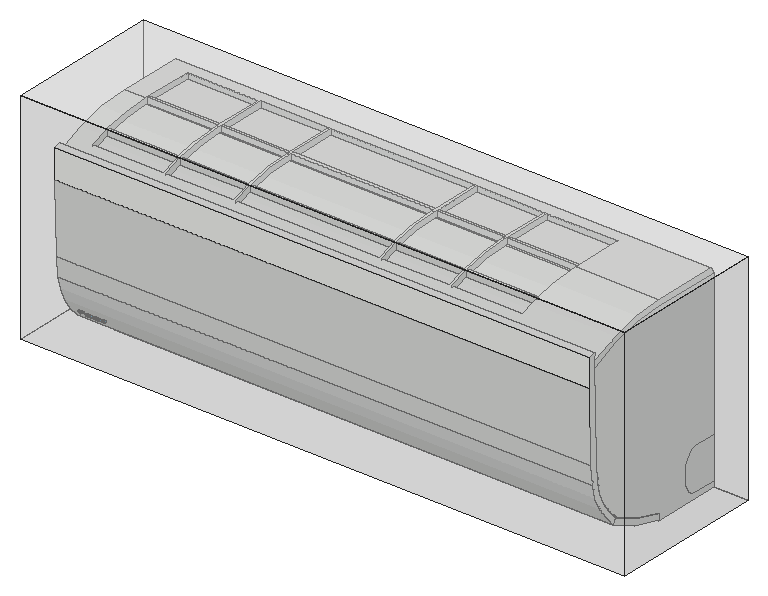
Revit family "outputfile", category 機械設備, Revit 2024 (continued)
Definition of nested family "DAIKIN_indoorunit_FTXV-UVMA"
  Automatic sketch dimensions
    Extrusion 21 sketch curve to Extrusion 21 sketch curve = 0.483 mm
    Extrusion 21 sketch curve to Extrusion 21 sketch curve = 4.137 mm
    Extrusion 21 sketch curve to Extrusion 21 sketch curve = 31.393 mm
    Extrusion 21 sketch curve to Extrusion 21 sketch curve = 9.215 mm
    Extrusion 21 sketch curve to level = 8.0 mm
    Extrusion 22 sketch curve to plane 1 "Center (Front/Back)" = 0.0 mm
    Extrusion 22 sketch curve to Extrusion 22 sketch curve = 20.0 mm  (x2)
    Extrusion 22 sketch curve to level = 287.035 mm
    Extrusion 23 sketch curve to plane 1 "Center (Front/Back)" = 0.0 mm
    Extrusion 23 sketch curve to Extrusion 23 sketch curve = 20.0 mm  (x2)
    Extrusion 23 sketch curve to level = 287.035 mm
    plane 1 "Center (Front/Back)" to Extrusion 24 sketch curve = 0.0 mm  (x2)
    plane 3 "Center (Left/Right)" to Extrusion 24 sketch curve = 469.0 mm
    Extrusion 24 sketch curve to Extrusion 24 sketch curve = 20.0 mm  (x4)
    Extrusion 24 sketch curve to plane 3 "Center (Left/Right)" = 409.0 mm
  Nested families
    nested 1: "daikin_logo_plane_w40" at (-320, -198.871, -233.244) x (1, 0, 0) z (0, -0.7841, -0.6206), visible <- "Width=770", type "daikin_logo_plane_w40"
      with show_logo yes
    nested 2: "daikin_logo_plane_w40" at (-430, -237.74, -233.244) x (1, 0, 0) z (0, -0.7841, -0.6206), visible <- "Width=990", type "daikin_logo_plane_w40"
      with show_logo yes
  Definition of nested family "daikin_logo_plane_w40"
    Parameters (values of type "daikin_logo_plane_w40")
      width = 40.0 mm
      show_logo [instance] = yes
      material = none
      height = 0.0 mm
      depth = 0.0 mm
      Default Elevation = 1219.2 mm
    Reference planes
      plane 1 "Center (Front/Back)": y = 0
      plane 2: z = 0
      plane 3 "Center (Left/Right)": x = 0
      plane 4: z = 2
      plane 5 "left": x = -19
      plane 6: x = 19
    Forms (mm)
      Extrusion 1, solid, visible <- "show_logo"
        sketch origin (-19, 0, 0) x (1, 0, 0) y (0, 1, 0)
          loop
            line (8.902, -1.878) -> (7.789, -6.332) -> (11.13, -6.332)
            arc (11.13, -6.332) -> (12.454, -6.064) -> (13.472, -5.176) r 2.642
            arc (13.472, -5.176) -> (13.92, -4.02) -> (13.767, -2.79) r 2.537
            arc (13.767, -2.79) -> (13.452, -2.342) -> (12.982, -2.06) r 1.321
            arc (12.982, -2.06) -> (12.063, -1.902) -> (11.13, -1.878) r 6.479
            line (11.13, -1.878) -> (8.902, -1.878)
          loop
            line (10.016, -5.441) -> (10.907, -5.441)
            arc (10.907, -5.441) -> (11.591, -4.983) -> (11.988, -4.261) r 1.742
            spline (11.988, -4.261) -> (12.01, -4.155) -> (12.027, -4.03) -> (12.037, -3.893) -> (12.037, -3.747) -> (12.026, -3.598) -> (12.002, -3.451) -> (11.962, -3.31) -> (11.905, -3.181) -> (11.829, -3.069) -> (11.731, -2.978) -> (11.61, -2.913) -> (11.464, -2.88)
            line (11.464, -2.88) -> (10.573, -2.88) -> (10.016, -5.441)
          loop
            line (13.58, -6.332) -> (14.805, -6.332) -> (15.223, -5.553) -> (16.977, -5.553) -> (17.144, -6.332) -> (19.149, -6.332) -> (18.258, -1.878) -> (16.03, -1.878) -> (13.58, -6.332)
          loop
            line (16.476, -3.214) -> (15.76, -4.551) -> (16.762, -4.551) -> (16.476, -3.214)
          loop
            line (19.705, -6.332) -> (21.599, -6.332) -> (22.712, -1.878) -> (20.819, -1.878) -> (19.705, -6.332)
          loop
            line (22.712, -6.332) -> (24.606, -6.332) -> (24.908, -5.122) -> (25.831, -6.332) -> (28.17, -6.332) -> (26.388, -3.994) -> (28.949, -1.878) -> (26.945, -1.878) -> (25.401, -3.153) -> (25.719, -1.878) -> (23.826, -1.878) -> (22.712, -6.332)
          loop
            line (29.84, -1.878) -> (28.615, -6.332) -> (30.62, -6.332) -> (31.734, -1.878) -> (29.84, -1.878)
          loop
            line (31.734, -6.332) -> (33.07, -6.332) -> (33.7, -3.814) -> (34.518, -6.332) -> (36.745, -6.332) -> (37.859, -1.878) -> (36.523, -1.878) -> (35.845, -4.589) -> (34.963, -1.878) -> (32.847, -1.878) -> (31.734, -6.332)
        from 0 to 2
      Extrusion 2, solid, visible <- "show_logo"
        sketch origin (-19, 0, 0) x (1, 0, 0) y (0, 1, 0)
          loop
            line (8.7, 0) -> (4.235, 0) -> (0, -3.879) -> (0, -8) -> (8.7, 0)
        from 0 to 2
      Extrusion 3, solid, visible <- "show_logo"
        sketch origin (-19, 0, 0) x (1, 0, 0) y (0, 1, 0)
          loop
            line (0, 0) -> (0, -3.879) -> (4.235, 0) -> (0, 0)
        from 0 to 2
    Dimensions and locks
      plane 4 to plane 2 = 2.0 mm
      equal spacing: plane 5 "left", plane 3 "Center (Left/Right)", plane 6
      locked: plane 5 "left" to plane 6 at 38
      aligned and locked: level to plane 2
      aligned and locked: Extrusion 3 to plane 1 "Center (Front/Back)"  (x2)
      aligned and locked: Extrusion 2 to plane 1 "Center (Front/Back)"  (x2)
      aligned and locked: plane 4 to Extrusion 1
      aligned and locked: plane 4 to Extrusion 3
      aligned and locked: plane 4 to Extrusion 2
      aligned and locked: Extrusion 3 to plane 5 "left"
      aligned and locked: Extrusion 2 to plane 5 "left"
    Automatic sketch dimensions
      Extrusion 1 sketch curve to Extrusion 1 sketch curve = 0.901 mm
      Extrusion 1 sketch curve to Extrusion 1 sketch curve = 1.559 mm
      Extrusion 1 sketch curve to Extrusion 1 sketch curve = 1.327 mm
      Extrusion 1 sketch curve to Extrusion 1 sketch curve = 2.145 mm
      Extrusion 1 sketch curve to Extrusion 1 sketch curve = 1.448 mm
      Extrusion 1 sketch curve to Extrusion 1 sketch curve = 2.116 mm
      Extrusion 1 sketch curve to Extrusion 1 sketch curve = 1.114 mm  (x4)
      Extrusion 1 sketch curve to Extrusion 1 sketch curve = 1.336 mm  (x2)
      plane 1 "Center (Front/Back)" to Extrusion 1 sketch curve = 1.878 mm  (x5)
      Extrusion 1 sketch curve to Extrusion 1 sketch curve = 1.893 mm  (x5)
      Extrusion 1 sketch curve to Extrusion 1 sketch curve = 0.891 mm  (x4)
      Extrusion 1 sketch curve to Extrusion 1 sketch curve = 2.005 mm  (x3)
      Extrusion 1 sketch curve to Extrusion 1 sketch curve = 0.445 mm  (x2)
      plane 1 "Center (Front/Back)" to Extrusion 1 sketch curve = 3.994 mm
      Extrusion 1 sketch curve to Extrusion 1 sketch curve = 0.557 mm  (x2)
      Extrusion 1 sketch curve to Extrusion 1 sketch curve = 2.339 mm  (x2)
      Extrusion 1 sketch curve to Extrusion 1 sketch curve = 1.225 mm  (x3)
      plane 1 "Center (Front/Back)" to Extrusion 1 sketch curve = 3.153 mm
      Extrusion 1 sketch curve to Extrusion 1 sketch curve = 0.987 mm
      plane 1 "Center (Front/Back)" to Extrusion 1 sketch curve = 5.122 mm
      Extrusion 1 sketch curve to Extrusion 1 sketch curve = 0.922 mm
      plane 1 "Center (Front/Back)" to Extrusion 1 sketch curve = 6.332 mm
      Extrusion 1 sketch curve to Extrusion 1 sketch curve = 2.562 mm
      plane 1 "Center (Front/Back)" to Extrusion 1 sketch curve = 5.553 mm
      Extrusion 1 sketch curve to Extrusion 1 sketch curve = 0.167 mm
      Extrusion 1 sketch curve to Extrusion 1 sketch curve = 0.215 mm
      plane 1 "Center (Front/Back)" to Extrusion 1 sketch curve = 3.214 mm
      Extrusion 1 sketch curve to Extrusion 1 sketch curve = 0.286 mm
      plane 1 "Center (Front/Back)" to Extrusion 1 sketch curve = 4.551 mm
      Extrusion 1 sketch curve to Extrusion 1 sketch curve = 1.002 mm
      Extrusion 1 sketch curve to Extrusion 1 sketch curve = 0.537 mm
      Extrusion 1 sketch curve to Extrusion 1 sketch curve = 0.418 mm
      Extrusion 1 sketch curve to Extrusion 1 sketch curve = 1.028 mm
      plane 1 "Center (Front/Back)" to Extrusion 1 sketch curve = 4.261 mm
      Extrusion 1 sketch curve to Extrusion 1 sketch curve = 0.563 mm
      plane 1 "Center (Front/Back)" to Extrusion 1 sketch curve = 2.88 mm
      Extrusion 1 sketch curve to Extrusion 1 sketch curve = 1.088 mm
      Extrusion 1 sketch curve to Extrusion 1 sketch curve = 2.152 mm
      Extrusion 1 sketch curve to Extrusion 1 sketch curve = 0.586 mm
      Extrusion 1 sketch curve to Extrusion 1 sketch curve = 0.118 mm
      Extrusion 1 sketch curve to Extrusion 1 sketch curve = 0.298 mm
      Extrusion 1 sketch curve to Extrusion 1 sketch curve = 0.334 mm
      Extrusion 1 sketch curve to Extrusion 1 sketch curve = 0.223 mm
      Extrusion 1 sketch curve to Extrusion 1 sketch curve = 0.266 mm
      Extrusion 1 sketch curve to Extrusion 1 sketch curve = 1.671 mm
      Extrusion 1 sketch curve to Extrusion 1 sketch curve = 2.227 mm
      Extrusion 1 sketch curve to Extrusion 1 sketch curve = 0.0 mm  (x7)
      Extrusion 1 sketch curve to Extrusion 1 sketch curve = 3.453 mm
      Extrusion 1 sketch curve to Extrusion 1 sketch curve = 2.017 mm
      Extrusion 1 sketch curve to Extrusion 1 sketch curve = 0.78 mm  (x2)
      Extrusion 1 sketch curve to Extrusion 1 sketch curve = 1.743 mm
      Extrusion 1 sketch curve to Extrusion 1 sketch curve = 0.775 mm
      Extrusion 1 sketch curve to Extrusion 1 sketch curve = 0.552 mm
      Extrusion 1 sketch curve to Extrusion 1 sketch curve = 0.014 mm
      Extrusion 1 sketch curve to Extrusion 1 sketch curve = 0.952 mm
      Extrusion 1 sketch curve to Extrusion 1 sketch curve = 1.215 mm
      Extrusion 1 sketch curve to Extrusion 1 sketch curve = 0.108 mm
      plane 1 "Center (Front/Back)" to Extrusion 2 sketch curve = 0.0 mm
      Extrusion 2 sketch curve to plane 3 "Center (Left/Right)" = 19.0 mm
      Extrusion 2 sketch curve to plane 3 "Center (Left/Right)" = 14.765 mm
      Extrusion 2 sketch curve to Extrusion 2 sketch curve = 4.465 mm
      plane 1 "Center (Front/Back)" to Extrusion 2 sketch curve = 3.879 mm
      Extrusion 2 sketch curve to Extrusion 2 sketch curve = 4.12 mm
      plane 1 "Center (Front/Back)" to Extrusion 3 sketch curve = 0.0 mm
      Extrusion 3 sketch curve to plane 3 "Center (Left/Right)" = 19.0 mm
      Extrusion 3 sketch curve to plane 3 "Center (Left/Right)" = 14.765 mm
      plane 1 "Center (Front/Back)" to Extrusion 3 sketch curve = 3.879 mm
      Extrusion 1 sketch curve to plane 3 "Center (Left/Right)" = 11.211 mm
      Extrusion 1 sketch curve to Extrusion 1 sketch curve = 1.782 mm
Definition of nested family "daikin_connector_rotate3"
  Parameters (values of type "daikin_connector_rotate3")
    show [instance] = yes
    radius [instance] = 10.0 mm
    length [instance] = 600.0 mm
    angle_horizontal [instance] = 60.00°
    angle_vertical [instance] = 90.00°
    Default Elevation = 1219.2 mm
  Reference planes
    plane 1 "Center (Front/Back)": y = 0
    plane 2: z = 0
    plane 3 "Center (Left/Right)": x = 0
  Dimensions and locks
    "angle_horizontal": angle plane 3 "Center (Left/Right)" to nested 1
    aligned and locked: level to plane 2
    aligned and locked: plane 1 "Center (Front/Back)" to nested 1  (x2)
    aligned and locked: plane 3 "Center (Left/Right)" to nested 1
  Nested families
    nested 1: "daikin_connector_rotate2" at (0, 0, 0) x (0.5, 0.866, 0) z (0, 0, 1), angle_vertical <- "angle_vertical", length <- "length", radius <- "radius", type "daikin_connector_rotate2"
      with radius 10.0 mm, length 600.0 mm, angle_vertical 90.00°
  Definition of nested family "daikin_connector_rotate2"
    Parameters (values of type "daikin_connector_rotate2")
      show_face = yes
      radius [instance] = 10.0 mm
      length [instance] = 600.0 mm
      d_surface = 10.0 mm
      angle_vertical [instance] = 90.00°
      Default Elevation = 0.0 mm
    Reference planes
      plane 1 "Center (Front/Back)": y = 0
      plane 2: z = 0
      plane 3 "Center (Left/Right)": x = 0
    Forms (mm)
      Extrusion 1, solid, visible <- "show_face"
        sketch origin (0, -600, 0) x (1, 0, 0) y (0, 0, 1)
          loop
            circle (0, 0) r 10
        from 0 to -10
    Lines and regions (mm)
      reference lines
        curve 1: line (0, 0, 0) -> (0, -600, 0)
      symbolic lines
        curve 2: circle (0, 0, 0) r 5 normal (0, 0, 1)
      model lines, visible <- "show_face"
        curve 3: line (0, 0, 0) -> (0, -600, 0)
    Dimensions and locks
      "length": curve 1 to curve 1
      "length": curve 3 to curve 3
      "d_surface": Extrusion 1 to Extrusion 1
      "radius": radius of Extrusion 1 sketch curve
      "angle_vertical": angle curve 1 to plane 1 "Center (Front/Back)"
      "angle_vertical": angle curve 3 to plane 1 "Center (Front/Back)"
      aligned and locked: level to plane 2
      aligned and locked: plane 1 "Center (Front/Back)" to curve 1
      aligned and locked: plane 2 to curve 1
      aligned and locked: plane 1 "Center (Front/Back)" to curve 2
      aligned and locked: plane 3 "Center (Left/Right)" to curve 2
      aligned and locked: plane 1 "Center (Front/Back)" to curve 3
      aligned and locked: plane 2 to curve 3
      aligned and locked: Extrusion 1 to Extrusion 1
    Automatic sketch dimensions
      Extrusion 1 sketch curve to level = 0.0 mm
      Extrusion 1 sketch curve to plane 3 "Center (Left/Right)" = 0.0 mm
      radius of curve 2 = 5.0 mm
